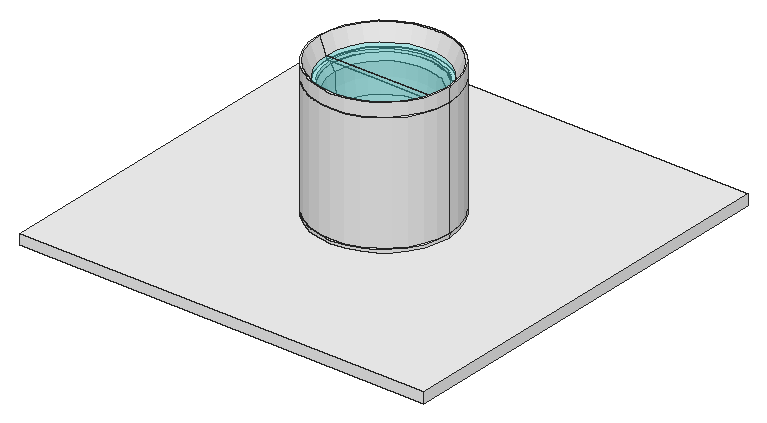
Revit family "BE_24526_de_DE", category Leuchten, Revit 2020
Family settings
  Basisbauteil = Fläche
  Bemaßung runder Anschluss = Durchmesser verwenden
  Teiletyp = Normal
  Beim Laden mit Abzugskörper schneiden = Ja
  Lichtquelle = Ja
  Gemeinsam genutzt = Nein
  Raumberechnungspunkt = Ja
Parameters (values of type "BEGA_24526_Weiß_K4")
  built-in parameter 1150104 = 17.205 (stored number, unit not read)
  Wattage = 8.1 W
  Default Elevation = 0 mm
  built-in parameter 1150113 = 1 (stored number, unit not read)
  built-in parameter 1114218 = 1 (stored number, unit not read)
  Umgebungstemperatur = "25 °C"
  URL = "https://www.bega.com/de/produkt/24526"
  Typenkommentare = "© 2022 BEGA. Wir behalten uns das Recht vor, technische Änderungen ohne vorherige Ankündigung vorzunehmen."  # constant formula
  built-in parameter 1150134 = 12
  built-in parameter 1150109 = 1 (stored number, unit not read)
  Strom = ""
  built-in parameter 1150110 = 1 (stored number, unit not read)
  Spannung = 239.996 V
  Sonderanfertigung = no
  Seriennummer [instance] = "Hier können Sie die eindeutige Seriennummer für das Facility Management eintragen."
  Schutzklasse = "I"
  Schutzart = "IP 65"
  Scheinlast = 0 VA
  Produktdatenblatt = "https://cdn.bega.com/bega/products/24526WK4/current/documents/data-sheets/de"
  Oberflächentemperatur = ""
  Neigungswinkel = 0.00°
  Modell = "24526WK4"
  Material_17 = BEGA_Reflektor
  Material_15 = BEGA_Leuchtmedium_matt
  Material_13 = BEGA_Kunststoff_matt
  Material_11 = BEGA_Glas_opal
  Material_09 = BEGA_Glas_klar
  Material_06 = BEGA_Oberfläche_Edelstahl_gebürstet
  Material_03 = BEGA_Oberfläche_Weiss_matt
  Material_02 = BEGA_Oberfläche_Silber_matt
  Material_01 [instance] = BEGA_Oberfläche_Grafit_matt
  M_W = yes
  M_G = no
  M_A = no
  Logo = 0
  built-in parameter 1114217 = 1 (stored number, unit not read)
  built-in parameter 1150139 = (empty or 0)
  built-in parameter 1150105 = 119.37 (stored number, unit not read)
  built-in parameter 1150114 = 1 (stored number, unit not read)
  Lumens = 1500.04 lm
  built-in parameter 1150115 = 1 (stored number, unit not read)
  Leuchtenlichtstrom = "1105 lm"
  Leuchtenanzahl = ""
  Lebensdauerkriterien = "L70B50 @ 25 °C = 200000 h"
  Lastklassifizierung = Beleuchtung
  built-in parameter 1150112 = 1 (stored number, unit not read)
  Lampenlichtstrom = "1500 lm"
  Lampe = "LED 8.1 W"
  LED_Modulbezeichnung = "LED-0800/840"
  built-in parameter 1150142 = (empty or 0)
  Hersteller = "BEGA"  # constant formula
  Halbstreuwinkel = ""
  Gewicht = "1.25 kg"
  Gebrauchslageneinschränkung [instance] = ""
  Frequenz = "0/50-60 Hz"
  Farbwiedergabeindex = "CRI > 80"
  Farbtemperaturverschiebung bei Dämpfen der Lampe = <Keine Auswahl>
  Farbtemperatur = "4000 K"
  Color Filter = 16777215
  built-in parameter 1150133 = 10 (stored number, unit not read)
  Energieeffizienzklasse = "LED A++ - A"
  built-in parameter 1150137 = (empty or 0)
  built-in parameter 1150132 = (empty or 0)
  ENEC = ""
  Dimmbar [instance] = "DALI"
  Datei für fotometrisches Netz = "BE_24526K4.IES"
  CE_Konformität = "ja"
  Bestellnummer = "24526WK4"
  Beschreibung_Sonderanfertigung = "Hier können Sie Informationen zur Sonderanfertigung eintragen."
  Beschreibung = "Deckenaufbau-Tiefstrahler"
  built-in parameter 1150106 = 1.1937 (stored number, unit not read)
  Befestigungsbohrung = "Ø 4,3 mm"
  Befestigungsabstand = "106 mm"
  Ballwurfsicher = ""
  BEGA_Intern_aus = yes
  BEGA_Intern_an = yes
  BEGA_Intern_Konstruktion = yes
  BEGA_Intern = yes
  BEGA_IES = yes
  BEGA_Dummy = no
  Anschlussleitung = ""
  Anschlussleistung [instance] = "9.5 W"
  Anschlusskasten = ""
  built-in parameter 1150107 = 4000 (stored number, unit not read)
  built-in parameter 1150102 = (empty or 0)
  built-in parameter 1150138 = (empty or 0)
  Aktualisierung = "2022-05-18T04:00:07"
  Abstand_zur_angestrahlten_Fläche [instance] = ""
  AC/DC = "AC/DC"
Types (4, lengths in mm): name | built-in parameter 1150104 | built-in parameter 1150134 | Modell | M_W | M_G | built-in parameter 1150105 | Lumens | Leuchtenlichtstrom | Lampenlichtstrom | LED_Modulbezeichnung | built-in parameter 1150142 | Farbtemperatur | Datei für fotometrisches Netz | Bestellnummer | built-in parameter 1150106 | built-in parameter 1150107
  BEGA_24526_Grafit_K3 | 16.802 (stored number, unit not read) | (empty or 0) | "24526K3" | no | yes | 116.58 (stored number, unit not read) | 1464.97 lm | "1079 lm" | "1465 lm" | "LED-0800/830" | "IESNA:LM-63-1995\r\n[TEST] \r\n[TESTLAB] BEGA\r\n[MANUFAC] BEGA\r\n[MORE] Copyright LUMCat V \r\n[LUMCAT] \r\n[LUMINAIRE] 24526K3\r\n[ISSUEDATE] 2020-11-11\r\n[LAMPCAT] LED  8,1W\r\n[LAMP]    1079 lm,10 W\r\nTILT=NONE\r\n1 -1 1.0 37 1 1 2 -0.105 0.000 0.000\r\n1.0 1.0 10\r\n   0.0   2.5   5.0   7.5  10.0  12.5  15.0  17.5  20.0  22.5  25.0  27.5  30.0\r\n  32.5  35.0  37.5  40.0  42.5  45.0  47.5  50.0  52.5  55.0  57.5  60.0  62.5\r\n  65.0  67.5  70.0  72.5  75.0  77.5  80.0  82.5  85.0  87.5  90.0\r\n   0.0\r\n     576.8     572.4     561.1     546.6     533.5     524.7     521.0     523.1\r\n     529.5     538.6     547.5     553.2     552.9     540.5     509.7     454.7\r\n     380.2     303.8     237.4     187.4     148.9     118.2      93.4      72.9\r\n      56.2      43.0      32.4      23.9      17.3      11.9       7.4       3.7\r\n       1.0       0.0       0.0       0.0       0.0\r\n" | "3000 K" | "BE_24526K3.IES" | "24526K3" | 1.1658 (stored number, unit not read) | 3000 (stored number, unit not read)
  BEGA_24526_Grafit_K4 | 17.205 (stored number, unit not read) | 12 | "24526K4" | no | yes | 119.37 (stored number, unit not read) | 1500.04 lm | "1105 lm" | "1500 lm" | "LED-0800/840" | (empty or 0) | "4000 K" | "BE_24526K4.IES" | "24526K4" | 1.1937 (stored number, unit not read) | 4000 (stored number, unit not read)
  BEGA_24526_Weiß_K4 | 17.205 (stored number, unit not read) | 12 | "24526WK4" | yes | no | 119.37 (stored number, unit not read) | 1500.04 lm | "1105 lm" | "1500 lm" | "LED-0800/840" | (empty or 0) | "4000 K" | "BE_24526K4.IES" | "24526WK4" | 1.1937 (stored number, unit not read) | 4000 (stored number, unit not read)
  BEGA_24526_Weiß_K3 | 16.802 (stored number, unit not read) | (empty or 0) | "24526WK3" | yes | no | 116.58 (stored number, unit not read) | 1464.97 lm | "1079 lm" | "1465 lm" | "LED-0800/830" | (empty or 0) | "3000 K" | "BE_24526K3.IES" | "24526WK3" | 1.1658 (stored number, unit not read) | 3000 (stored number, unit not read)
Reference planes
  plane 1 "Mitte (Vorne/Hinten)": y = 0
  plane 2: z = 0
  plane 3 "Mitte (Links/Rechts)": x = 0
  plane 4 "Links": x = -65
  plane 5 "Rechts": x = 65
  plane 6 "Unten": y = -65
  plane 7 "Oben": y = 65
  plane 8 "Vorne": z = 135.379
  plane 9 "Hinten": z = 0
Forms (mm)
  Extrusion 1, solid, material "BEGA_Platte_Weiss"
    sketch origin (0, -1119.2, 0) x (1, 0, 0) y (0, 1, 0)
      loop
        line (-200, 1319.2) -> (-200, 919.2) -> (200, 919.2) -> (200, 1319.2) -> (-200, 1319.2)
    from 0 to -10
  Extrusion 2, solid, material "BEGA_Dummy_matt", visible <- "BEGA_Dummy"
    sketch origin (77.149, -76.023, 0) x (1, 0, 0) y (0, 1, 0)
      loop
        circle (-77.149, 76.023) r 65
    from 0 to 135.2
Dimensions and locks
  plane 1 "Mitte (Vorne/Hinten)" to Extrusion 1 = 200 mm
  aligned and locked: plane 2 to Extrusion 1
  aligned and locked: level to Extrusion 1
Nested families
  nested 1: "BE_24526" at (0, 0, 0), type "BE_24526"
Connectors
  electrical at (0, 0, 0), driven by "Lastklassifizierung", driven by "Spannung", driven by "Scheinlast"
    settings: index 1, voltage 239.996 V, apparent load 0 VA, apparent load phase1 0 VA, apparent load phase2 0 VA, apparent load phase3 0 VA, power factor 1, load classification "Beleuchtung", number of poles 1, system type 31, power factor state 1, is connector primary yes, connector utility no, sub classification motor no, connector description ""
Definition of nested family "BE_24526"
  Parameters (values of type "BE_24526")
    Default Elevation = 1 mm
    URL = "http://www.bega.de/de/produkt"
    Type Comments = "© 2015 BEGA. Wir behalten uns das Recht vor, technische Änderungen ohne vorherige Ankündigung vorzunehmen. "  # constant formula
    Type Image = (empty or 0)
    Material_17 = none
    Material_15 = none
    Material_13 = none
    Material_09 = none
    Material_03 = none
    Material_01 = none
    M_W = yes
    M_G = yes
    M_A = yes
    Länge_Platte = 200 mm  # constant formula
    Höhe_Platte = -10 mm  # constant formula
    Manufacturer = "BEGA"  # constant formula
    Breite_Platte = 200 mm  # constant formula
  Reference planes
    plane 1 "Mitte (Oben/Unten)": y = 0
    plane 2: z = 0
    plane 3 "Mitte (Links/Rechts)": x = 0
    plane 4 "Links": x = -65
    plane 5 "Rechts": x = 65
    plane 6 "Oben": y = 65
    plane 7 "Unten": y = -65
    plane 8: z = 135.2
    plane 9: z = 0
  Forms (mm)
    Extrusion 1, solid, detail levels medium
      sketch origin (0, 0, 0) x (1, 0, 0) y (0, 1, 0)
        loop
          line (-100, 100) -> (-100, -100) -> (100, -100) -> (100, 100) -> (-100, 100)
      from 0 to -10 <- "Höhe_Platte"
    Revolve 2, solid, material <- "Material_01", visible <- "M_G"
      sketch origin (0, 0, 0) x (1, 0, 0) y (0, 0, 1)
        loop
          line (-65, 135.2) -> (-65, 122.2) -> (-60.05, 122.2) -> (-60.05, 114.2) -> (-53, 114.2) -> (-53, 116.7) -> (-56.306, 116.7) -> (-63.5, 135.2) -> (-65, 135.2)
        axis (0, 135.2) -> (0, 114.2)
      angle from 0 to 360
    Revolve 3, solid, material <- "Material_09"
      sketch origin (0, 0, 0) x (1, 0, 0) y (0, 0, 1)
        loop
          line (0, 120.8) -> (-56, 120.8) -> (-56, 116.7) -> (0, 116.7) -> (0, 120.8)
        axis (0, 120.8) -> (0, 116.7)
      angle from 0 to 360
    Revolve 4, solid, material <- "Material_01", visible <- "M_G"
      sketch origin (0, 0, -12.993) x (1, 0, 0) y (0, 0, 1)
        loop
          line (-65, 134.193) -> (-65, 18.993) -> (-63, 18.993) -> (-63, 134.193) -> (-65, 134.193)
        axis (0, 134.193) -> (0, 18.993)
      angle from 0 to 360
    Revolve 5, solid, material <- "Material_13"
      sketch origin (0, 0, 0) x (1, 0, 0) y (0, 0, 1)
        loop
          line (-20.603, 58.2) -> (0, 58.2) -> (0, 75.795) -> (-19.997, 75.564) -> (-20.603, 58.2)
        axis (0, 75.795) -> (0, 58.2)
      angle from 0 to 360
    Revolve 6, solid, material <- "Material_17"
      sketch origin (0, 0, 0) x (1, 0, 0) y (0, 0, 1)
        loop
          line (-56.444, 114.2) -> (-56.5, 112.6) -> (-52.9, 112.6) -> (-50.364, 108.207)
          arc (-50.364, 108.207) -> (-49.639, 96.179) -> (-47.847, 84.262) r 135.439
          arc (-47.847, 84.262) -> (-43.362, 70.752) -> (-35.63, 58.8) r 56.272
          line (-35.63, 58.8) -> (-20.526, 58.8) -> (-20.526, 60.4) -> (-34.924, 60.4)
          arc (-34.924, 60.4) -> (-41.415, 69.876) -> (-45.456, 80.628) r 47.763
          arc (-45.456, 80.628) -> (-47.974, 94.423) -> (-48.868, 108.416) r 120.136
          line (-48.868, 108.416) -> (-52.207, 114.2) -> (-56.444, 114.2)
        axis (0, 114.2) -> (0, 58.8)
      angle from 0 to 360
    Revolve 7, solid, material <- "Material_01", visible <- "M_G"
      sketch origin (0, 0, 0) x (1, 0, 0) y (0, 0, 1)
        loop
          line (-57.767, 2) -> (-57.767, 13) -> (0, 13) -> (0, 16) -> (-57.767, 16) -> (-57.767, 23) -> (-60.05, 23) -> (-60.05, 5) -> (-65, 5) -> (-65, 2) -> (-57.767, 2)
        axis (0, 23) -> (0, 2)
      angle from 0 to 360
    Revolve 8, solid, material <- "Material_01", visible <- "M_G"
      sketch origin (0, 0, 0) x (1, 0, 0) y (0, 0, 1)
        loop
          line (-46.5, 0) -> (-46.046, 13) -> (-53, 13) -> (-53, 0) -> (-46.5, 0)
        axis (-53, 0) -> (-53, 13)
      angle from 0 to 360
    Revolve 9, solid, material <- "Material_01"
      sketch origin (0, 0, 0) x (-1, 0, 0) y (0, 0, 1)
        loop
          line (-46.5, 0) -> (-46.046, 13) -> (-53, 13) -> (-53, 0) -> (-46.5, 0)
        axis (-53, 0) -> (-53, 13)
      angle from 0 to 360
    Revolve 10, void
      sketch origin (0, 0, 0) x (1, 0, 0) y (0, 0, 1)
        loop
          line (-55.075, 0) -> (-53, 0) -> (-53, 30) -> (-55.075, 30) -> (-55.075, 0)
        axis (-53, 0) -> (-53, 30)
      angle from 0 to 360
    Revolve 11, void
      sketch origin (0, 0, 0) x (1, 0, 0) y (0, 0, 1)
        loop
          line (53, 0) -> (53, 28.688) -> (50.925, 28.688) -> (50.925, 0) -> (53, 0)
        axis (53, 0) -> (53, 28.688)
      angle from 0 to 360
    Revolve 12, solid, material <- "Material_03", visible <- "M_W"
      sketch origin (0, 0, 0) x (1, 0, 0) y (0, 0, 1)
        loop
          line (-65, 135.2) -> (-65, 122.2) -> (-60.05, 122.2) -> (-60.05, 114.2) -> (-53, 114.2) -> (-53, 116.7) -> (-56.306, 116.7) -> (-63.5, 135.2) -> (-65, 135.2)
        axis (0, 135.2) -> (0, 114.2)
      angle from 0 to 360
    Revolve 13, solid, material <- "Material_03", visible <- "M_W"
      sketch origin (0, 0, -12.993) x (1, 0, 0) y (0, 0, 1)
        loop
          line (-65, 134.193) -> (-65, 18.993) -> (-63, 18.993) -> (-63, 134.193) -> (-65, 134.193)
        axis (0, 134.193) -> (0, 18.993)
      angle from 0 to 360
    Revolve 14, solid, material <- "Material_03", visible <- "M_W"
      sketch origin (0, 0, 0) x (1, 0, 0) y (0, 0, 1)
        loop
          line (-57.767, 2) -> (-57.767, 13) -> (0, 13) -> (0, 16) -> (-57.767, 16) -> (-57.767, 23) -> (-60.05, 23) -> (-60.05, 5) -> (-65, 5) -> (-65, 2) -> (-57.767, 2)
        axis (0, 23) -> (0, 2)
      angle from 0 to 360
    Revolve 15, solid, material <- "Material_03", visible <- "M_W"
      sketch origin (0, 0, 0) x (1, 0, 0) y (0, 0, 1)
        loop
          line (-46.5, 0) -> (-46.046, 13) -> (-53, 13) -> (-53, 0) -> (-46.5, 0)
        axis (-53, 0) -> (-53, 13)
      angle from 0 to 360
    Revolve 16, solid, material <- "Material_03", visible <- "M_W"
      sketch origin (0, 0, 0) x (-1, 0, 0) y (0, 0, 1)
        loop
          line (-46.5, 0) -> (-46.046, 13) -> (-53, 13) -> (-53, 0) -> (-46.5, 0)
        axis (-53, 0) -> (-53, 13)
      angle from 0 to 360
  Cuts and joins
    Revolve 10, Revolve 11 cuts Revolve 7
    Revolve 10 cuts Revolve 8
    Revolve 11 cuts Revolve 9
    Revolve 10 cuts Revolve 15
    Revolve 11 cuts Revolve 16
    Revolve 10, Revolve 11 cuts Revolve 14
  Dimensions and locks
    equal spacing: Extrusion 1 sketch curve, plane 3 "Mitte (Links/Rechts)", Extrusion 1 sketch curve
    equal spacing: Extrusion 1 sketch curve, plane 1 "Mitte (Oben/Unten)", Extrusion 1 sketch curve
    "Länge_Platte": Extrusion 1 sketch curve to Extrusion 1 sketch curve
    "Breite_Platte": Extrusion 1 sketch curve to Extrusion 1 sketch curve
    aligned and locked: Extrusion 1 to plane 2
    aligned and locked: level to Extrusion 1
  Automatic sketch dimensions
    Revolve 2 sketch curve to plane 3 "Mitte (Links/Rechts)" = 0 mm
    Revolve 2 sketch curve to plane 3 "Mitte (Links/Rechts)" = 53 mm
    Revolve 2 sketch curve to Revolve 2 sketch curve = 3.306 mm
    Revolve 2 sketch curve to Revolve 2 sketch curve = 3.744 mm
    Revolve 2 sketch curve to Revolve 2 sketch curve = 3.45 mm
    Revolve 2 sketch curve to Revolve 2 sketch curve = 1.5 mm
    Revolve 2 sketch curve to Revolve 2 sketch curve = 2.5 mm
    Revolve 2 sketch curve to Revolve 2 sketch curve = 5.5 mm
    Revolve 2 sketch curve to Revolve 2 sketch curve = 13 mm
    Revolve 3 sketch curve to plane 3 "Mitte (Links/Rechts)" = 0 mm  (x2)
    Revolve 3 sketch curve to plane 3 "Mitte (Links/Rechts)" = 56 mm
    Revolve 3 sketch curve to Revolve 3 sketch curve = 4.1 mm
    plane 3 "Mitte (Links/Rechts)" to Revolve 4 sketch curve = 0 mm
    level to Revolve 4 sketch curve = 6 mm
    Revolve 4 sketch curve to plane 3 "Mitte (Links/Rechts)" = 63 mm
    Revolve 4 sketch curve to Revolve 4 sketch curve = 2 mm
    Revolve 5 sketch curve to plane 3 "Mitte (Links/Rechts)" = 0 mm  (x2)
    Revolve 5 sketch curve to plane 3 "Mitte (Links/Rechts)" = 19.997 mm
    Revolve 5 sketch curve to Revolve 5 sketch curve = 0.606 mm
    level to Revolve 5 sketch curve = 58.2 mm
    Revolve 5 sketch curve to Revolve 5 sketch curve = 17.364 mm
    Revolve 5 sketch curve to Revolve 5 sketch curve = 17.595 mm
    Revolve 5 sketch curve to Revolve 5 sketch curve = 0 mm
    Revolve 6 sketch curve to plane 3 "Mitte (Links/Rechts)" = 0 mm
    Revolve 6 sketch curve to plane 3 "Mitte (Links/Rechts)" = 20.526 mm
    Revolve 6 sketch curve to Revolve 6 sketch curve = 14.398 mm
    Revolve 6 sketch curve to Revolve 6 sketch curve = 0.706 mm
    Revolve 6 sketch curve to plane 3 "Mitte (Links/Rechts)" = 48.868 mm
    Revolve 6 sketch curve to Revolve 6 sketch curve = 1.496 mm
    Revolve 6 sketch curve to Revolve 6 sketch curve = 1.843 mm
    Revolve 6 sketch curve to Revolve 6 sketch curve = 0.693 mm
    Revolve 6 sketch curve to Revolve 6 sketch curve = 3.544 mm
    Revolve 6 sketch curve to Revolve 6 sketch curve = 0.056 mm
    plane 3 "Mitte (Links/Rechts)" to Revolve 6 sketch curve = 0.95 mm
    Revolve 6 sketch curve to Revolve 6 sketch curve = 6.422 mm
    Revolve 6 sketch curve to Revolve 6 sketch curve = 63.894 mm
    Revolve 6 sketch curve to Revolve 6 sketch curve = 13.792 mm
    level to Revolve 6 sketch curve = 58.8 mm
    Revolve 6 sketch curve to Revolve 6 sketch curve = 1.6 mm  (x2)
    Revolve 6 sketch curve to Revolve 6 sketch curve = 31.534 mm
    Revolve 6 sketch curve to Revolve 6 sketch curve = 3.162 mm
    Revolve 6 sketch curve to Revolve 6 sketch curve = 47.808 mm
    Revolve 6 sketch curve to Revolve 6 sketch curve = 0.209 mm
    Revolve 6 sketch curve to Revolve 6 sketch curve = 13.968 mm
    Revolve 6 sketch curve to Revolve 6 sketch curve = 1.273 mm
    Revolve 6 sketch curve to Revolve 6 sketch curve = 4.393 mm
    Revolve 7 sketch curve to plane 3 "Mitte (Links/Rechts)" = 0 mm  (x2)
    level to Revolve 7 sketch curve = 16 mm
    Revolve 7 sketch curve to Revolve 7 sketch curve = 57.767 mm
    Revolve 7 sketch curve to Revolve 7 sketch curve = 0 mm
    Revolve 7 sketch curve to Revolve 7 sketch curve = 2.283 mm
    Revolve 7 sketch curve to Revolve 7 sketch curve = 4.95 mm
    Revolve 7 sketch curve to Revolve 7 sketch curve = 3 mm
    level to Revolve 7 sketch curve = 5 mm
    level to Revolve 7 sketch curve = 2 mm
    Revolve 7 sketch curve to Revolve 7 sketch curve = 7 mm
    Revolve 8 sketch curve to level = 0 mm
    level to Revolve 8 sketch curve = 13 mm
    Revolve 8 sketch curve to plane 3 "Mitte (Links/Rechts)" = 53 mm
    Revolve 8 sketch curve to Revolve 8 sketch curve = 6.5 mm
    Revolve 8 sketch curve to Revolve 8 sketch curve = 6.954 mm
    Revolve 8 sketch curve to Revolve 8 sketch curve = 0 mm
    Revolve 8 sketch curve to level = 2 mm
    Revolve 8 sketch curve to Revolve 8 sketch curve = 5.087 mm
    Revolve 9 sketch curve to level = 0 mm
    Revolve 9 sketch curve to level = 13 mm
    Revolve 9 sketch curve to plane 3 "Mitte (Links/Rechts)" = 53 mm
    Revolve 9 sketch curve to Revolve 9 sketch curve = 6.5 mm
    Revolve 9 sketch curve to Revolve 9 sketch curve = 6.954 mm
    Revolve 9 sketch curve to Revolve 9 sketch curve = 0 mm
    level to Revolve 9 sketch curve = 2 mm
    Revolve 9 sketch curve to Revolve 9 sketch curve = 5.087 mm
    Revolve 10 sketch curve to level = 0 mm
    Revolve 10 sketch curve to plane 3 "Mitte (Links/Rechts)" = 55.075 mm
    Revolve 10 sketch curve to Revolve 10 sketch curve = 2.075 mm
    Revolve 10 sketch curve to Revolve 10 sketch curve = 30 mm
    Revolve 10 sketch curve to Revolve 10 sketch curve = 0 mm
    Revolve 10 sketch curve to level = 2 mm
    Revolve 10 sketch curve to Revolve 10 sketch curve = 11.913 mm
    plane 3 "Mitte (Links/Rechts)" to Revolve 11 sketch curve = 50.925 mm
    Revolve 11 sketch curve to Revolve 11 sketch curve = 28.688 mm
    Revolve 11 sketch curve to Revolve 11 sketch curve = 2.075 mm
    Revolve 11 sketch curve to level = 0 mm
    Revolve 12 sketch curve to plane 3 "Mitte (Links/Rechts)" = 0 mm
    Revolve 12 sketch curve to plane 3 "Mitte (Links/Rechts)" = 53 mm
    Revolve 12 sketch curve to Revolve 12 sketch curve = 3.306 mm
    Revolve 12 sketch curve to Revolve 12 sketch curve = 3.744 mm
    Revolve 12 sketch curve to Revolve 12 sketch curve = 3.45 mm
    Revolve 12 sketch curve to Revolve 12 sketch curve = 1.5 mm
    Revolve 12 sketch curve to Revolve 12 sketch curve = 2.5 mm
    Revolve 12 sketch curve to Revolve 12 sketch curve = 5.5 mm
    Revolve 12 sketch curve to Revolve 12 sketch curve = 13 mm
    plane 3 "Mitte (Links/Rechts)" to Revolve 13 sketch curve = 0 mm
    level to Revolve 13 sketch curve = 6 mm
    Revolve 13 sketch curve to plane 3 "Mitte (Links/Rechts)" = 63 mm
    Revolve 13 sketch curve to Revolve 13 sketch curve = 2 mm
    Revolve 14 sketch curve to plane 3 "Mitte (Links/Rechts)" = 0 mm  (x2)
    level to Revolve 14 sketch curve = 16 mm
    Revolve 14 sketch curve to Revolve 14 sketch curve = 57.767 mm
    Revolve 14 sketch curve to Revolve 14 sketch curve = 0 mm
    Revolve 14 sketch curve to Revolve 14 sketch curve = 2.283 mm
    Revolve 14 sketch curve to Revolve 14 sketch curve = 4.95 mm
    Revolve 14 sketch curve to Revolve 14 sketch curve = 3 mm
    level to Revolve 14 sketch curve = 5 mm
    level to Revolve 14 sketch curve = 2 mm
    Revolve 14 sketch curve to Revolve 14 sketch curve = 7 mm
    Revolve 15 sketch curve to level = 0 mm
    level to Revolve 15 sketch curve = 13 mm
    Revolve 15 sketch curve to plane 3 "Mitte (Links/Rechts)" = 53 mm
    Revolve 15 sketch curve to Revolve 15 sketch curve = 6.5 mm
    Revolve 15 sketch curve to Revolve 15 sketch curve = 6.954 mm
    Revolve 15 sketch curve to Revolve 15 sketch curve = 0 mm
    Revolve 15 sketch curve to level = 2 mm
    Revolve 15 sketch curve to Revolve 15 sketch curve = 5.087 mm
    Revolve 16 sketch curve to level = 0 mm
    Revolve 16 sketch curve to level = 13 mm
    Revolve 16 sketch curve to plane 3 "Mitte (Links/Rechts)" = 53 mm
    Revolve 16 sketch curve to Revolve 16 sketch curve = 6.5 mm
    Revolve 16 sketch curve to Revolve 16 sketch curve = 6.954 mm
    Revolve 16 sketch curve to Revolve 16 sketch curve = 0 mm
    level to Revolve 16 sketch curve = 2 mm
    Revolve 16 sketch curve to Revolve 16 sketch curve = 5.087 mm
    Revolve 2 sketch curve to level = 274.158 mm
    Revolve 3 sketch curve to level = 274.158 mm
    Revolve 4 sketch curve to level = 287.15 mm
    Revolve 6 sketch curve to level = 274.158 mm
    Revolve 7 sketch curve to level = 274.158 mm
    Revolve 12 sketch curve to level = 274.158 mm
    Revolve 13 sketch curve to level = 287.15 mm
    Revolve 14 sketch curve to level = 274.158 mm
    level to Revolve 2 sketch curve = 114.2 mm
    Revolve 2 sketch curve to Revolve 2 sketch curve = 273.232 mm
    level to Revolve 3 sketch curve = 116.7 mm
    Revolve 3 sketch curve to Revolve 3 sketch curve = 287.632 mm
    Revolve 4 sketch curve to Revolve 4 sketch curve = 115.2 mm
    Revolve 4 sketch curve to Revolve 4 sketch curve = 274.24 mm
    Revolve 5 sketch curve to Revolve 5 sketch curve = 332.637 mm
    Revolve 6 sketch curve to Revolve 6 sketch curve = 294.232 mm
    Revolve 7 sketch curve to Revolve 7 sketch curve = 385.432 mm
    level to Revolve 12 sketch curve = 114.2 mm
    Revolve 12 sketch curve to Revolve 12 sketch curve = 273.232 mm
    Revolve 13 sketch curve to Revolve 13 sketch curve = 115.2 mm
    Revolve 13 sketch curve to Revolve 13 sketch curve = 274.24 mm
    Revolve 14 sketch curve to Revolve 14 sketch curve = 385.432 mm
